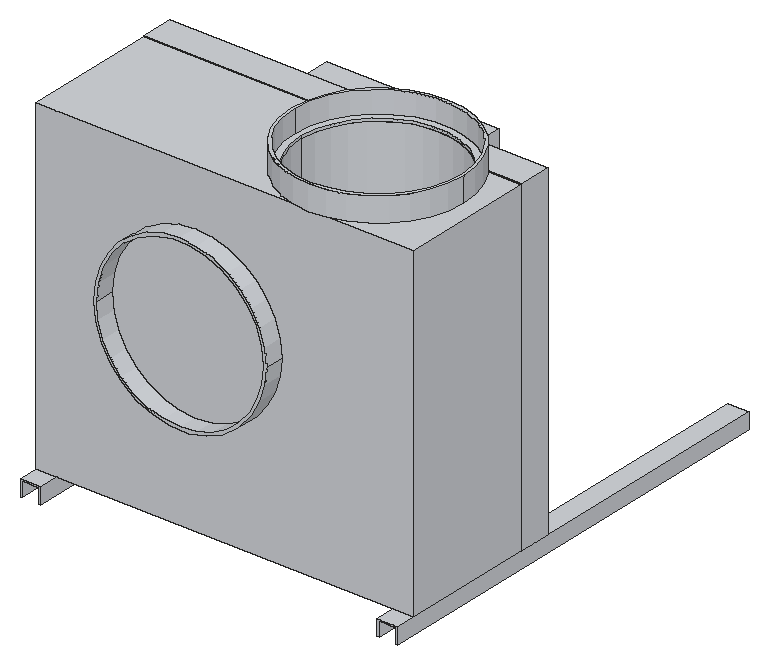
Revit family "ROSENBERG_KBAD_180-400", category Wyposażenie mechaniczne, Revit 2016
Family settings
  Typ części = Normalny
  Wymiar okrągłego złącza = Użyj średnicy
  Numer OmniClass = 23.75.00.00
  Tytuł OmniClass = Climate Control (HVAC)
  Oparty na płaszczyźnie roboczej = Tak
  Zawsze pionowo = Tak
  Tnij formami wycięć po wczytaniu = Nie
  Współdzielony = Nie
  Punkt obliczania pomieszczeń = Nie
Parameters (values of type "KBAD 315-4SW.098")
  Średnica przyłącza = 315 mm
  param.void = Średnica przyłącza - 10 mm  # 305 mm
  param.otw.wew = 280 mm
  param.L.otwor = 51 mm
  Użyj skali opisów [instance] = 0
  Typ zasilania = 3
  Default Elevation = 1219.2 mm
  2.param.szer.urządzenie = 307 mm
  2.param.szer.klapa = 60 mm
  param.puszka.przył = 140 mm
  param.otwory. = (param.puszka.przył / 15) / 2  # 4.667 mm
  5.param.os.went.wyw = 153.5 mm
  1.param.odsunięcie.urządzenie.front = 35 mm
  5.param.odsunięcie.wylot = 187.5 mm
  4.param.odsunięcie.wlot = 398 mm
  param.odl.rączka = 55 mm
  param.lb.otwor = param.puszka.przył / 14 mm  # 10
  5.param.h.wylot = Wysokość kroćca  # 45 mm
  4.param.h.wlot = 339 mm
  1.param.dł.podstawa = 800 mm
  2.param.W.urządzenia = 690 mm
  1.param.W.podstawa = 38 mm
  3.param.L.tyl.went = 496 mm
  2.param.H.urządzenia = 600 mm
  Wysokość kroćca = 45 mm
  URL = "https://rosenberg.pl/pl/products/fans/kitchen-exhaust-unit/kb/B21-31514/detail?page=1"
  1.param.H.podstawa = 29 mm
  Numer katalogowy = "B21-31514"
  Producent = "Rosenberg"
  Opis = "Wentylator do okapów kuchennych"
  Prąd znamionowy = 0.41 A
  Napięcie znamionowe = 400 V
  Model = "KBAD 315-4SW.098"
  Moc znamionowa = 160 W
  Materiał = none
  Masa = 67.00 kg
  Klasa szczelności = "IP54"
  Częstotliwość pracy = 50 Hz
  Charakterystyka pracy = "https://rosenberg.pl/pl/products/fans/kitchen-exhaust-unit/kb/B21-31514/detail?page=1#product-characteristics"
Types (10, lengths in mm): name | Średnica przyłącza | param.void | param.otw.wew | param.L.otwor | 2.param.szer.urządzenie | 5.param.os.went.wyw | 5.param.odsunięcie.wylot | 4.param.odsunięcie.wlot | 4.param.h.wlot | 1.param.dł.podstawa | 2.param.W.urządzenia | 3.param.L.tyl.went | 2.param.H.urządzenia | URL | Numer katalogowy | Prąd znamionowy | Model | Moc znamionowa | Masa | Charakterystyka pracy
  KBAD 315-4SW.098 | 315 | 305 | 280 | 51 | 307 | 153.5 | 187.5 | 398 | 339 | 800 | 690 | 496 | 600 | "https://rosenberg.pl/pl/products/fans/kitchen-exhaust-unit/kb/B21-31514/detail?page=1" | "B21-31514" | 0.41 A | "KBAD 315-4SW.098" | 160 W | 67.00 kg | "https://rosenberg.pl/pl/products/fans/kitchen-exhaust-unit/kb/B21-31514/detail?page=1#product-characteristics"
  KBAD 400-4SW.120 | 355 | 345 | 310 | 51 | 331 | 162.5 | 206.7 | 451 | 372 | 800 | 770 | 492 | 665 | "https://rosenberg.pl/pl/products/fans/kitchen-exhaust-unit/kb/B21-40014/detail?page=1" | "B21-40014" | 0.88 A | "KBAD 400-4sW.120" | 400 W | 71.00 kg | "https://rosenberg.pl/pl/products/fans/kitchen-exhaust-unit/kb/B21-40014/detail?page=1#product-characteristics"
  KBAD 355-4SW.110 | 355 | 345 | 290 | 51 | 331 | 162.5 | 206.7 | 451 | 372 | 800 | 770 | 472 | 665 | "https://rosenberg.pl/pl/products/fans/kitchen-exhaust-unit/kb/B21-35514/detail?page=1" | "B21-35514" | 0.72 A | "KBAD 355-4SW.110" | 285 W | 70.00 kg | "https://rosenberg.pl/pl/products/fans/kitchen-exhaust-unit/kb/B21-35514/detail?page=1#product-characteristics"
  KBAD 355-2SW.110 | 355 | 345 | 290 | 51 | 331 | 162.5 | 206.7 | 451 | 372 | 800 | 770 | 520 | 665 | "https://rosenberg.pl/pl/products/fans/kitchen-exhaust-unit/kb/B21-35525/detail?page=1" | "B21-35525" | 3.55 A | "KBAD 355-2SW.110" | 2060 W | 77.00 kg | "https://rosenberg.pl/pl/products/fans/kitchen-exhaust-unit/kb/B21-35525/detail?page=1#product-characteristics"
  KBAD 315-2SW.098 | 315 | 305 | 280 | 51 | 307 | 153.5 | 187.5 | 398 | 339 | 800 | 690 | 496 | 600 | "https://rosenberg.pl/pl/products/fans/kitchen-exhaust-unit/kb/B21-31525/detail?page=1" | "B21-31525" | 2.3 A | "KBAD 315-2SW.098" | 1300 W | 77.00 kg | "https://rosenberg.pl/pl/products/fans/kitchen-exhaust-unit/kb/B21-31525/detail?page=1#product-characteristics"
  KBAD 280-4ST.114 | 280 | 270 | 270 | 51 | 291 | 142.5 | 171.5 | 360 | 295 | 600 | 625 | 480 | 537 | "https://rosenberg.pl/pl/products/fans/kitchen-exhaust-unit/kb/B21-28014/detail?page=1" | "B21-28014" | 3.3 A | "KBAD 280-4ST.114" | 1750 W | 64.00 kg | "https://rosenberg.pl/pl/products/fans/kitchen-exhaust-unit/kb/B21-28014/detail?page=1#product-characteristics"
  KBAD 250-4ST.102 | 250 | 240 | 240 | 51 | 272 | 132.5 | 161.5 | 333 | 282 | 600 | 576 | 461 | 500 | "https://rosenberg.pl/pl/products/fans/kitchen-exhaust-unit/kb/B21-25016/detail?page=1" | "B21-25016" | 2.7 A | "KBAD 250-4ST.102" | 1180 W | 56.00 kg | "https://rosenberg.pl/pl/products/fans/kitchen-exhaust-unit/kb/B21-25016/detail?page=1#product-characteristics"
  KBAD 225-4ST.092 | 225 | 215 | 215 | 51 | 251 | 122.5 | 146.5 | 301 | 256 | 600 | 522 | 413 | 445 | "https://rosenberg.pl/pl/products/fans/kitchen-exhaust-unit/kb/B21-22514/detail?page=1" | "B21-22514" | 0.9 A | "KBAD 225-4ST.092" | 420 W | 37.00 kg | "https://rosenberg.pl/pl/products/fans/kitchen-exhaust-unit/kb/B21-22514/detail?page=1#product-characteristics"
  KBAD 200-4ST.082 | 200 | 190 | 190 | 51 | 232 | 113 | 142.7 | 292 | 249 | 450 | 510 | 373 | 445 | "https://rosenberg.pl/pl/products/fans/kitchen-exhaust-unit/kb/B21-20014/detail?page=1" | "B21-20014" | 0.8 A | "KBAD 200-4ST.082" | 375 W | 31.50 kg | "https://rosenberg.pl/pl/products/fans/kitchen-exhaust-unit/kb/B21-20014/detail?page=1#product-characteristics"
  KBAD 180-4ST.082 | 200 | 190 | 170 | 60 | 221 | 106.5 | 134.5 | 269 | 230 | 450 | 470 | 362 | 412 | "https://rosenberg.pl/pl/products/fans/kitchen-exhaust-unit/kb/B21-18014/detail?page=1" | "B21-18014" | 0.5 A | "KBAD 180-4ST.082" | 220 W | 31.50 kg | "https://rosenberg.pl/pl/products/fans/kitchen-exhaust-unit/kb/B21-18014/detail?page=1#product-characteristics"
Reference planes
  plane 1 "Center (Front/Back)": y = 0
  plane 2: z = 0
  plane 3 "Center (Left/Right)": x = 0
  plane 4 "podpora": z = 29
  plane 5 "h.went": z = 629
  plane 6 "l1": x = -345
  plane 7 "p1": x = 345
  plane 8: x = -307
  plane 9: x = 307
  plane 10 "f1": y = -400
  plane 11 "t1": y = 400
  plane 12 "os.wylot": x = 157.5
  plane 13 "os.wlot": x = -53
  plane 14 "f2": y = -365
  plane 15 "t2": y = -58
  plane 16 "VOID": y = -118
  plane 17 "os.went": y = -211.5
  plane 18 "os.went.wlot1": z = 368
  plane 19 "tyl.wenty": y = 131
  plane 20 "t.wylot": z = 674
  plane 21 "rączka": x = 290
  plane 22 "otworo": z = 317
Forms (mm)
  Extrusion 1, solid
    sketch origin (0, 0, 0) x (1, 0, 0) y (0, 1, 0)
      loop
        line (-345, 400) -> (-345, -400) -> (-307, -400) -> (-307, 400) -> (-345, 400)
    from 0 to 29
  Extrusion 2, solid
    sketch origin (0, 0, 0) x (1, 0, 0) y (0, 1, 0)
      loop
        line (307, 400) -> (307, -400) -> (345, -400) -> (345, 400) -> (307, 400)
    from 0 to 29
  Extrusion 3, solid
    sketch origin (0, 0, 0) x (1, 0, 0) y (0, 1, 0)
      loop
        line (-345, -58) -> (-345, -365) -> (345, -365) -> (345, -58) -> (-345, -58)
    from 29 to 629
  Sweep 4, void
    path origin (0, -118, 0) x (-1, 0, 0) y (0, 0, 1)
      loop
        line (345, 29) -> (345, 629) -> (-345, 629) -> (-345, 29) -> (345, 29)
    profile origin (0, -118, 29) x (0, 0, -1) y (0, 1, 0)
      loop
        line (0, 0.824) -> (-2.045, 0.824) -> (-2.045, -0.738) -> (0, -0.738) -> (0, 0.824)
  Sweep 5, solid
    path origin (0, 0, 368) x (-1, 0, 0) y (0, -1, 0)
      loop
        line (53, 365) -> (53, 400)
    profile "Profil1 : Profil1" origin (-53, -382.5, 368) x (1, 0, 0) y (0, 0, 1)
      loop
        circle (0, 0) r 157.5
  Sweep 6, void
    path origin (0, 0, 368) x (-1, 0, 0) y (0, -1, 0)
      loop
        line (53, 365) -> (53, 400)
    profile "Profil3 : Profil3" origin (-53, -382.5, 368) x (1, 0, 0) y (0, 0, 1)
      loop
        circle (0, 0) r 152.5
  Sweep 7, solid
    path origin (0, -211.5, 0) x (-1, 0, 0) y (0, 0, 1)
      loop
        line (-157.5, 629) -> (-157.5, 674)
    profile "Profil1 : Profil1" origin (157.5, -211.5, 651.5) x (1, 0, 0) y (0, 1, 0)
      loop
        circle (0, 0) r 157.5
  Sweep 8, void
    path origin (0, -211.5, 0) x (-1, 0, 0) y (0, 0, 1)
      loop
        line (-157.5, 674) -> (-157.5, 634)
    profile "Profil3 : Profil3" origin (157.5, -211.5, 654) x (-1, 0, 0) y (0, 1, 0)
      loop
        circle (0, 0) r 152.5
  Sweep 9, solid
    path origin (0, 0, 368) x (-1, 0, 0) y (0, -1, 0)
      loop
        line (53, 58) -> (53, -131)
    profile "Profil6 : Profil6" origin (-53, 36.5, 368) x (-1, 0, 0) y (0, 0, 1)
      loop
        line (-157.5, 157.5) -> (-157.5, -157.5) -> (157.5, -157.5) -> (157.5, 157.5) -> (-157.5, 157.5)
  Extrusion 10, void
    sketch origin (0, 0, 0) x (1, 0, 0) y (0, 1, 0)
      loop
        line (-341.255, 400) -> (-341.255, -400) -> (-310.993, -400) -> (-310.993, 400) -> (-341.255, 400)
    from 0 to 25.952
  Extrusion 11, void
    sketch origin (0, 0, 0) x (1, 0, 0) y (0, 1, 0)
      loop
        line (311, 400) -> (311, -400) -> (341.372, -400) -> (341.372, 400) -> (311, 400)
    from 0 to 25.995
  Sweep 12, solid
    path origin (290, 0, 0) x (0, 1, 0) y (0, 0, 1)
      loop
        line (-58, 338) -> (-58, 347.237) -> (-37.237, 368) -> (-37.237, 403) -> (-58, 417.539) -> (-58, 427.004)
    profile origin (290, -58, 342.618) x (0, -1, 0) y (1, 0, 0)
      loop
        line (0, -2.273) -> (0, 2.727) -> (-2.052, 2.727) -> (-2.052, -2.273) -> (0, -2.273)
  Sweep 13, void
    path origin (0, -211.5, 0) x (-1, 0, 0) y (0, 0, 1)
      loop
        line (-157.5, 674) -> (-157.5, 368)
    profile "Profil7 : Profil7" origin (157.5, -211.5, 521) x (-1, 0, 0) y (0, 1, 0)
      loop
        circle (0, 0) r 140
Cuts and joins
  Sweep 4, Extrusion 10 cuts Extrusion 1
  Sweep 4, Extrusion 11 cuts Extrusion 2
  Sweep 4, Sweep 6, Sweep 8, Extrusion 11, Sweep 13 cuts Extrusion 3
  Sweep 6 cuts Sweep 5
  Sweep 8, Sweep 13 cuts Sweep 7
Dimensions and locks
  "1.param.H.podstawa": plane 4 "podpora" to level
  "2.param.H.urządzenia": plane 5 "h.went" to plane 4 "podpora"
  equal spacing: plane 6 "l1", plane 3 "Center (Left/Right)", plane 7 "p1"
  "2.param.W.urządzenia": plane 6 "l1" to plane 7 "p1"
  "1.param.W.podstawa": plane 6 "l1" to plane 8
  "1.param.W.podstawa": plane 9 to plane 7 "p1"
  equal spacing: plane 11 "t1", plane 1 "Center (Front/Back)", plane 10 "f1"
  "1.param.dł.podstawa": plane 11 "t1" to plane 10 "f1"
  "5.param.odsunięcie.wylot": plane 12 "os.wylot" to plane 7 "p1"
  "4.param.odsunięcie.wlot": plane 13 "os.wlot" to plane 7 "p1"
  "1.param.odsunięcie.urządzenie.front": plane 14 "f2" to plane 10 "f1"
  "2.param.szer.urządzenie": plane 15 "t2" to plane 14 "f2"
  "2.param.szer.klapa": plane 15 "t2" to plane 16 "VOID"
  "5.param.os.went.wyw": plane 17 "os.went" to plane 14 "f2"
  "4.param.h.wlot": plane 18 "os.went.wlot1" to plane 4 "podpora"
  "3.param.L.tyl.went": plane 19 "tyl.wenty" to plane 14 "f2"
  "5.param.h.wylot": plane 20 "t.wylot" to plane 5 "h.went"
  locked: plane 6 "l1" to Extrusion 10 sketch curve at 3.745
  locked: Extrusion 10 sketch curve to plane 8 at 3.993
  locked: plane 4 "podpora" to Extrusion 10 at 3.048
  locked: plane 9 to Extrusion 11 sketch curve at 4
  locked: Extrusion 11 sketch curve to plane 7 "p1" at 3.628
  locked: cut or joined group of Extrusion 2, Sweep 4, Extrusion 11 to plane 4 "podpora" at 3.005
  "param.odl.rączka": plane 21 "rączka" to plane 7 "p1"
  Sweep 12 sketch curve to plane 1 "Center (Front/Back)" = 37.237 mm
  locked: plane 15 "t2" to Sweep 12 sketch curve at 20.763
  "param.L.otwor": plane 22 "otworo" to plane 18 "os.went.wlot1"
  Sweep 8 sketch curve to Sweep 8 sketch curve = 40 mm
  aligned and locked: level to plane 2
  aligned and locked: Extrusion 1 sketch curve to plane 6 "l1"
  aligned and locked: plane 8 to Extrusion 1 sketch curve
  aligned and locked: Extrusion 1 sketch curve to plane 11 "t1"
  aligned and locked: plane 10 "f1" to Extrusion 1 sketch curve
  aligned and locked: Extrusion 1 to plane 2
  aligned and locked: plane 4 "podpora" to Extrusion 1
  aligned and locked: plane 7 "p1" to Extrusion 2 sketch curve
  aligned and locked: Extrusion 2 sketch curve to plane 9
  aligned and locked: Extrusion 2 sketch curve to plane 11 "t1"
  aligned and locked: plane 10 "f1" to Extrusion 2 sketch curve
  aligned and locked: Extrusion 2 to plane 2
  aligned and locked: plane 4 "podpora" to Extrusion 2
  aligned and locked: plane 7 "p1" to Extrusion 3 sketch curve
  aligned and locked: Extrusion 3 sketch curve to plane 6 "l1"
  aligned and locked: Extrusion 3 sketch curve to plane 15 "t2"
  aligned and locked: plane 14 "f2" to Extrusion 3 sketch curve
  aligned and locked: Extrusion 3 to plane 4 "podpora"
  aligned and locked: plane 4 "podpora" to Extrusion 3
  aligned and locked: plane 5 "h.went" to Extrusion 3
  aligned and locked: Sweep 4 sketch curve to plane 7 "p1"
  aligned and locked: plane 5 "h.went" to Sweep 4 sketch curve
  aligned and locked: plane 6 "l1" to Sweep 4 sketch curve
  aligned and locked: Sweep 4 sketch curve to plane 4 "podpora"
  aligned and locked: Sweep 5 sketch curve to plane 13 "os.wlot"
  aligned and locked: plane 14 "f2" to Sweep 5 sketch curve
  aligned and locked: plane 10 "f1" to Sweep 5 sketch curve
  aligned and locked: Sweep 6 sketch curve to plane 13 "os.wlot"
  aligned and locked: plane 10 "f1" to Sweep 6 sketch curve
  aligned and locked: plane 12 "os.wylot" to Sweep 7 sketch curve
  aligned and locked: plane 20 "t.wylot" to Sweep 7 sketch curve
  aligned and locked: plane 5 "h.went" to Sweep 7 sketch curve
  aligned and locked: Sweep 8 sketch curve to plane 12 "os.wylot"
  aligned and locked: plane 20 "t.wylot" to Sweep 8 sketch curve
  aligned and locked: plane 13 "os.wlot" to Sweep 9 sketch curve
  aligned and locked: plane 15 "t2" to Sweep 9 sketch curve
  aligned and locked: plane 19 "tyl.wenty" to Sweep 9 sketch curve
  aligned and locked: Extrusion 10 sketch curve to plane 11 "t1"
  aligned and locked: plane 10 "f1" to Extrusion 10 sketch curve
  aligned and locked: plane 10 "f1" to Extrusion 11 sketch curve
  aligned and locked: Extrusion 11 sketch curve to plane 11 "t1"
  aligned and locked: plane 15 "t2" to Sweep 12 sketch curve  (x2)
  aligned and locked: plane 12 "os.wylot" to Sweep 13 sketch curve
  aligned and locked: plane 20 "t.wylot" to Sweep 13 sketch curve
  aligned and locked: plane 18 "os.went.wlot1" to Sweep 13 sketch curve
  aligned and locked: cut or joined group of Sweep 5, Sweep 6 to Sweep 6 sketch curve
Automatic sketch dimensions
  Sweep 4 sketch curve to profile plane = 0 mm
  Sweep 4 sketch curve to plane 16 "VOID" = 0.738 mm
  profile plane to Sweep 4 sketch curve = 2.045 mm
  plane 16 "VOID" to Sweep 4 sketch curve = 0.824 mm
  Sweep 12 sketch curve to plane 18 "os.went.wlot1" = 0 mm
  Sweep 12 sketch curve to plane 18 "os.went.wlot1" = 20.763 mm
  Sweep 12 sketch curve to Sweep 12 sketch curve = 9.237 mm
  Sweep 12 sketch curve to profile plane = 0 mm
  Sweep 12 sketch curve to Sweep 12 sketch curve = 2.052 mm
  Sweep 12 sketch curve to plane 21 "rączka" = 2.273 mm
  plane 21 "rączka" to Sweep 12 sketch curve = 2.727 mm
  plane 18 "os.went.wlot1" to Sweep 12 sketch curve = 35 mm
  Sweep 12 sketch curve to Sweep 12 sketch curve = 14.539 mm
  Sweep 12 sketch curve to Sweep 12 sketch curve = 9.466 mm
Connectors
  hvac at (157.5, -211.5, 674), driven by "Średnica przyłącza"
    settings: on cut or joined group of Sweep 7, Sweep 8, Sweep 13, index 1, duct flow 0.0 m³/h, flow factor 0, pres drop 0.0 Pa, loss coef 0, conn angle 0.00°, conn width 304.8 mm, conn height 304.8 mm, conn diameter 315 mm, duct sys type 3, conn prof type 0, flow config 2, flow direction 2, loss method 0, conn ref index 2, conn util no, is conn primary yes, conn desc "AirOut"
  hvac at (-53, -400, 368), driven by "Średnica przyłącza"
    settings: on cut or joined group of Sweep 5, Sweep 6, index 2, duct flow 0.0 m³/h, flow factor 0, pres drop 0.0 Pa, loss coef 0, conn angle 0.00°, conn width 304.8 mm, conn height 304.8 mm, conn diameter 315 mm, duct sys type 3, conn prof type 0, flow config 0, flow direction 1, loss method 0, conn ref index 1, conn util no, is conn primary no, conn desc "AirIn"
  electrical at (-53, 36.5, 210.5), driven by "Typ zasilania", driven by "Napięcie znamionowe"
    settings: on Sweep 9, index 3, voltage 400 V, apparent load 0 VA, apparent load phase1 0 VA, apparent load phase2 0 VA, apparent load phase3 0 VA, power factor 1, load classification "Inne", number of poles 3, system type 31, power factor state 1, is connector primary yes, connector utility no, sub classification motor no, connector description "elektryczne"
